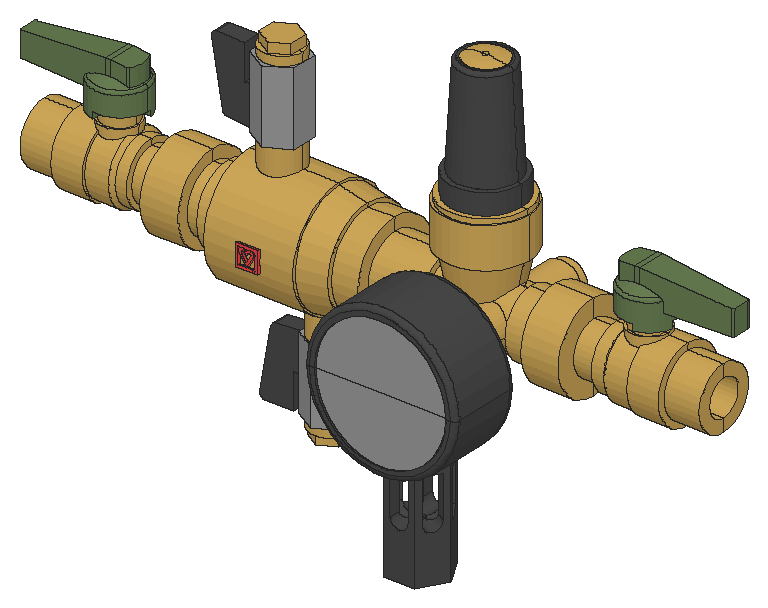
Revit family "Узел подпитки и предотвращения обратного потока 0305", category Rohrzubehör, Revit 2018
Family settings
  Bemaßung runder Anschluss = Durchmesser verwenden
  Teiletyp = Unterbricht
  OmniClass-Nummer = 23.65.55.14
  OmniClass-Titel = Valves for Liquid Services
  Arbeitsebenenbasiert = Nein
  Immer vertikal = Ja
  Beim Laden mit Abzugskörper schneiden = Nein
  Gemeinsam genutzt = Nein
Parameters
  Уплотнение = "EPDM"  # constant formula
  Примечание = "В соответствии со статьей 33 Регламента REACH (Registration; Evaluation; Authorisation; Restriction of Chemicals) (EC № 1907/2006) мы обязаны указать, что свинец внесен в список SVHC (Substances of Very High Concern - вещества очень высокой важности) и весовой процент свинца во всех латунных компонентах заводского изготовления в наших изделиях, превышает 0,1 % (w/w) (CAS: 7439-92-1 / EINECS: 231-100-4).\r\nПоскольку свинец является легирующим компонентом сплава, прямое негативное влияние исключается, и поэтому дополнительной информации о безопасном использовании не требуется."
  Область применения = "Согласно EN 1717 задача узлов предотвращения обратного потока состоит в том, чтобы не допустить обратного оттока или всасывания загрязнённой воды в сеть питьевого водоснабжения.\r\nОни устанавливаются в местах, где сеть питьевого водоснабжения соединяется с технической водой жёсткими или гибкими трубопроводами.\r\nВ основном эти узлы применяются в установках для умягчения, понижения кислотности, а также декарбонизации воды.\r\nКроме этого, узлы предотвращения обратного потока могут устанвливаться в дезинфицирующих системах или перед аппаратами химической очистки для предотвращения обратного потока химически загрязненной воды в систему питьевого водоснабжения."
  Макс. рабочее давление = 1000000.0 Pa  # constant formula
  Макс. рабочая температура = 65 °C  # constant formula
  Корпус = "латунь, CW617N"  # constant formula
  Предварительная заводская настройка давления = 150000.0 Pa  # constant formula
  W02 = 80.00°  # constant formula
  W01 = 45.00°  # constant formula
  URL = "www.herz-armaturen.ru"
  SC_NennweiteBerechnet = 0
  SC_Dimension = ""
  SCTWSEQ = "AW;SBT_TYP_AW=\"104\";2"
  SCTWCODE = "04;12;02"  # constant formula
  S08 = 65.000 mm  # constant formula
  S07 = 75.000 mm  # constant formula
  S06 = 27.000 mm  # constant formula
  S05 = 8.000 mm  # constant formula
  S04 = 20.000 mm  # constant formula
  S03 = 40.000 mm  # constant formula
  S02 [instance] = L17 + L18 + L19 + L20 + L21  # 74.900 mm
  S01 [instance] = D02 - 2.000 mm  # 13.200 mm
  R08 = 8.500 mm  # constant formula
  R07 = 31.000 mm  # constant formula
  R06 = 7.300 mm  # constant formula
  R05 = 6.500 mm  # constant formula
  R04 = 7.500 mm  # constant formula
  R03 = 8.500 mm  # constant formula
  R02 = 7.000 mm  # constant formula
  R01 = 8.000 mm  # constant formula
  Nennweite [instance] = 15.000 mm
  Среда = "питьевая вода"  # constant formula
  Макс. допустимая рабочая температура (кратковременно) = 85 °C  # constant formula
  L29 = 28.800 mm  # constant formula
  L28 = 85.300 mm  # constant formula
  L27 = 44.500 mm  # constant formula
  L26 = 48.500 mm  # constant formula
  L25 = 28.600 mm  # constant formula
  L24 = 10.100 mm  # constant formula
  L23 = 34.000 mm  # constant formula
  L22 = 22.000 mm  # constant formula
  L21 = 11.000 mm  # constant formula
  L20 = 12.000 mm  # constant formula
  L19 = 36.700 mm  # constant formula
  L18 = 8.700 mm  # constant formula
  L17 = 6.500 mm  # constant formula
  L16 = 70.500 mm  # constant formula
  L15 = 18.800 mm  # constant formula
  L14 = 30.000 mm  # constant formula
  L13 = 8.700 mm  # constant formula
  L12 = 4.800 mm  # constant formula
  L11 = 4.000 mm  # constant formula
  L10 = 23.300 mm  # constant formula
  L09 = 26.200 mm  # constant formula
  L08 = 15.500 mm  # constant formula
  L07 [instance] = size_lookup("0305_", "L7", 1.000 mm, Nennweite)  # 53.500 mm
  L06 [instance] = size_lookup("0305_", "L6", 1.000 mm, Nennweite)  # 30.700 mm
  L05 = 4.800 mm  # constant formula
  L04 = 10.000 mm  # constant formula
  L03 = 13.000 mm  # constant formula
  L02 [instance] = size_lookup("0305_", "L2", 1.000 mm, Nennweite)  # 14.600 mm
  L01 [instance] = size_lookup("0305_", "L1", 1.000 mm, Nennweite)  # 56.000 mm
  L00 [instance] = size_lookup("0305_", "L", 1.000 mm, Nennweite)  # 139.500 mm
  IG [instance] = Nennweite / 2  # 7.500 mm
  Hersteller = "HERZ Armaturen Ges.m.b.H."  # constant formula
  GT [instance] = size_lookup("0305_", "GT", 1.000 mm, Nennweite)  # 12.500 mm
  Положение при монтаже = "горизонтальное"  # constant formula
  D18 = 92.300 mm  # constant formula
  D17 = 66.500 mm  # constant formula
  D16 = 66.700 mm  # constant formula
  D15 = 12.200 mm  # constant formula
  D14 = 14.200 mm  # constant formula
  D13 = 19.200 mm  # constant formula
  D12 = 22.800 mm  # constant formula
  D11 = 23.700 mm  # constant formula
  D10 = 16.300 mm  # constant formula
  D09 = 13.500 mm  # constant formula
  D08 = 18.000 mm  # constant formula
  D07 = 22.000 mm  # constant formula
  D06 = 16.000 mm  # constant formula
  D05 = 10.600 mm  # constant formula
  D04 = 12.900 mm  # constant formula
  D03 = 14.400 mm  # constant formula
  D02 = 15.200 mm  # constant formula
  D01 [instance] = size_lookup("0305_", "D1", 1.000 mm, Nennweite)  # 12.600 mm
  Номер заказа [instance] = if(Nennweite = 15.000 mm, "I030501", if(Nennweite = 20.000 mm, "I030502", "0"))  # "I030501"
  Давление на выходе (регулируемое) = "0.5-3 bar"  # constant formula
Reference planes
  plane 1 "Mitte (Vorne/hinten)": y = 0
  plane 2: z = 0
  plane 3 "Mitte (Links/rechts)": x = 0
Forms (mm)
  Revolve 1, solid, material "Messing, weicher Gelbton, geschweißt", detail levels fine
    sketch origin (0, 0, 0) x (1, 0, 0) y (0, 0, 1)
      loop
        line (-127, 0) -> (-83.5, 0) -> (-83.5, 10.6) -> (-95.6, 10.6) -> (-95.6, 12.9) -> (-100.4, 12.9) -> (-101.9, 14.4) -> (-111.9, 14.4) -> (-111.9, 15.2) -> (-124.9, 15.2) -> (-124.9, 12.6) -> (-139.5, 12.6) -> (-139.5, 7.5) -> (-127, 7.5) -> (-127, 0)
      axis (-139.5, 0) -> (-83.5, 0)
    angle from 0 to 360
  Revolve 2, solid, material "Messing, weicher Gelbton, geschweißt", detail levels fine
    sketch origin (0, 0, 0) x (1, 0, 0) y (0, 0, 1)
      loop
        line (-100.8, 0) -> (-100.8, 16) -> (-101.8, 16) -> (-101.8, 22) -> (-108.8, 22) -> (-108.8, 0) -> (-100.8, 0)
      axis (-108.8, 22) -> (-108.8, 0)
    angle from 0 to 360
  Revolve 3, solid, material "Messing, weicher Gelbton, geschweißt", detail levels fine
    sketch origin (0, 0, 0) x (-1, 0, 0) y (0, 0, 1)
      loop
        line (-127, 0) -> (-83.5, 0) -> (-83.5, 10.6) -> (-95.6, 10.6) -> (-95.6, 12.9) -> (-100.4, 12.9) -> (-101.9, 14.4) -> (-111.9, 14.4) -> (-111.9, 15.2) -> (-124.9, 15.2) -> (-124.9, 12.6) -> (-139.5, 12.6) -> (-139.5, 7.5) -> (-127, 7.5) -> (-127, 0)
      axis (-139.5, 0) -> (-83.5, 0)
    angle from 0 to 360
  Revolve 4, solid, material "Messing, weicher Gelbton, geschweißt", detail levels fine
    sketch origin (0, 0, 0) x (-1, 0, 0) y (0, 0, 1)
      loop
        line (-100.8, 0) -> (-100.8, 16) -> (-101.8, 16) -> (-101.8, 22) -> (-108.8, 22) -> (-108.8, 0) -> (-100.8, 0)
      axis (-108.8, 22) -> (-108.8, 0)
    angle from 0 to 360
  Revolve 5, solid, material "Kunststoff GRÜN", detail levels fine
    sketch origin (-98.3, 0, 19.6) x (1, 0, 0) y (0, 0, 1)
      loop
        line (-10.5, 0) -> (0.9, 0) -> (0.9, 10.964)
        arc (0.9, 10.964) -> (0.673, 11.758) -> (0.059, 12.311) r 1.5
        line (0.059, 12.311) -> (-8.5, 16.5) -> (-10.5, 16.5) -> (-10.5, 0)
      axis (-10.5, 16.5) -> (-10.5, 0)
    angle from 0 to 360
  Extrusion 6, void
    sketch origin (-98.3, 0, 0) x (1, 0, 0) y (0, 1, 0)
      loop
        arc (-8.4, 11.205) -> (-18.561, 8.061) -> (-21.705, -2.1) r 11.4
        line (-21.705, -2.1) -> (-17.178, -2.1)
        arc (-17.178, -2.1) -> (-15.45, -4.95) -> (-12.6, -6.678) r 7
        line (-12.6, -6.678) -> (-12.6, -11.205)
        arc (-12.6, -11.205) -> (-2.439, -8.061) -> (0.705, 2.1) r 11.4
        line (0.705, 2.1) -> (-3.822, 2.1)
        arc (-3.822, 2.1) -> (-5.55, 4.95) -> (-8.4, 6.678) r 7
        line (-8.4, 6.678) -> (-8.4, 11.205)
    from 19.6 to 22.3
  Extrusion 7, solid, material "Kunststoff GRÜN", detail levels fine
    sketch origin (-98.3, 0, 0) x (1, 0, 0) y (0, 1, 0)
      loop
        line (-48.5, 3.242) -> (-48.5, -3.242)
        arc (-48.5, -3.242) -> (-48.281, -3.792) -> (-47.743, -4.041) r 0.8
        line (-47.743, -4.041) -> (-11.5, -5.987) -> (-9.5, -5.987) -> (-3.01, -5.535)
        arc (-3.01, -5.535) -> (-2.552, -5.387) -> (-2.216, -5.042) r 1
        arc (-2.216, -5.042) -> (-0.852, 0) -> (-2.216, 5.042) r 10
        arc (-2.216, 5.042) -> (-2.552, 5.387) -> (-3.01, 5.535) r 1
        line (-3.01, 5.535) -> (-9.5, 5.987) -> (-10.5, 5.987) -> (-11.5, 5.987) -> (-47.743, 4.041)
        arc (-47.743, 4.041) -> (-48.281, 3.792) -> (-48.5, 3.242) r 0.8
    from 26.6 to 40.1
  Extrusion 8, void
    sketch origin (-108.8, 0, 0) x (1, 0, 0) y (0, 0, 1)
      loop
        line (1, 40.1) -> (10.462, 39.272) -> (10.462, 41.682) -> (-40.279, 41.682) -> (-40.279, 36.664) -> (-1, 40.1) -> (0, 40.1) -> (1, 40.1)
    from 8 to -8
  Revolve 9, solid, material "Kunststoff GRÜN", detail levels fine
    sketch origin (98.3, 0, 19.6) x (-1, 0, 0) y (0, 0, -1)
      loop
        line (-10.5, 0) -> (-10.5, -16.5) -> (-8.5, -16.5) -> (0.059, -12.311)
        arc (0.059, -12.311) -> (0.673, -11.758) -> (0.9, -10.964) r 1.5
        line (0.9, -10.964) -> (0.9, 0) -> (-10.5, 0)
      axis (-10.5, -16.5) -> (-10.5, 0)
    angle from 0 to 360
  Extrusion 10, void
    sketch origin (98.3, 0, 0) x (-1, 0, 0) y (0, -1, 0)
      loop
        line (-8.4, -11.205) -> (-8.4, -6.678)
        arc (-8.4, -6.678) -> (-5.55, -4.95) -> (-3.822, -2.1) r 7
        line (-3.822, -2.1) -> (0.705, -2.1)
        arc (0.705, -2.1) -> (-2.439, 8.061) -> (-12.6, 11.205) r 11.4
        line (-12.6, 11.205) -> (-12.6, 6.678)
        arc (-12.6, 6.678) -> (-15.45, 4.95) -> (-17.178, 2.1) r 7
        line (-17.178, 2.1) -> (-21.705, 2.1)
        arc (-21.705, 2.1) -> (-18.561, -8.061) -> (-8.4, -11.205) r 11.4
    from 19.6 to 22.3
  Extrusion 11, solid, material "Kunststoff GRÜN", detail levels fine
    sketch origin (98.3, 0, 0) x (-1, 0, 0) y (0, -1, 0)
      loop
        arc (-48.5, -3.242) -> (-48.281, -3.792) -> (-47.743, -4.041) r 0.8
        line (-47.743, -4.041) -> (-11.5, -5.987) -> (-10.5, -5.987) -> (-9.5, -5.987) -> (-3.01, -5.535)
        arc (-3.01, -5.535) -> (-2.552, -5.387) -> (-2.216, -5.042) r 1
        arc (-2.216, -5.042) -> (-0.852, 0) -> (-2.216, 5.042) r 10
        arc (-2.216, 5.042) -> (-2.552, 5.387) -> (-3.01, 5.535) r 1
        line (-3.01, 5.535) -> (-9.5, 5.987) -> (-11.5, 5.987) -> (-47.743, 4.041)
        arc (-47.743, 4.041) -> (-48.281, 3.792) -> (-48.5, 3.242) r 0.8
        line (-48.5, 3.242) -> (-48.5, -3.242)
    from 26.6 to 40.1
  Extrusion 12, void
    sketch origin (108.8, 0, 0) x (-1, 0, 0) y (0, 0, -1)
      loop
        line (1, -40.1) -> (0, -40.1) -> (-1, -40.1) -> (-40.279, -36.664) -> (-40.279, -41.682) -> (10.462, -41.682) -> (10.462, -39.272) -> (1, -40.1)
    from 8 to -8
  Revolve 13, solid, material "Messing, weicher Gelbton, geschweißt", detail levels fine
    sketch origin (0, 0, 0) x (1, 0, 0) y (0, 0, 1)
      loop
        line (-86, 0) -> (-70.5, 0) -> (-70.5, 18) -> (-86, 18) -> (-86, 0)
      axis (-86, 0) -> (-70.5, 0)
    angle from 0 to 360
  Revolve 14, solid, material "Messing, weicher Gelbton, geschweißt", detail levels fine
    sketch origin (0, 0, 0) x (-1, 0, 0) y (0, 0, 1)
      loop
        line (-86, 0) -> (-70.5, 0) -> (-70.5, 18) -> (-86, 18) -> (-86, 0)
      axis (-86, 0) -> (-70.5, 0)
    angle from 0 to 360
  Revolve 15, solid, material "Messing, weicher Gelbton, geschweißt", detail levels fine
    sketch origin (0, 0, 0) x (1, 0, 0) y (0, 1, 0)
      loop
        line (59.2, 26.2) -> (59.2, 30.2) -> (51.7, 30.2) -> (51.7, -28.1) -> (58.2, -28.1) -> (58.2, -23.3) -> (60.2, -23.3) -> (60.2, 26.2) -> (59.2, 26.2)
      axis (51.7, 30.2) -> (51.7, -28.1)
    angle from 0 to 360
  Revolve 16, solid, material "Kunststoff - SCHWARZ", detail levels fine
    sketch origin (0, 0, 0) x (1, 0, 0) y (0, 1, 0)
      loop
        line (51.7, -28.1) -> (51.7, -64.8) -> (78.7, -64.8) -> (78.7, -66.8) -> (80.7, -66.8)
        arc (80.7, -66.8) -> (82.114, -66.214) -> (82.7, -64.8) r 2
        line (82.7, -64.8) -> (82.7, -38.8)
        arc (82.7, -38.8) -> (82.114, -37.386) -> (80.7, -36.8) r 2
        line (80.7, -36.8) -> (59, -36.8) -> (59, -28.1) -> (51.7, -28.1)
      axis (51.7, -28.1) -> (51.7, -66.8)
    angle from 0 to 360
  Revolve 17, solid, material "Messing, weicher Gelbton, geschweißt", detail levels fine
    sketch origin (0, 0, 0) x (1, 0, 0) y (0, 0, 1)
      loop
        line (-70.5, 0) -> (70.5, 0) -> (70.5, 13.5) -> (60.4, 13.5) -> (60.4, 12.2) -> (26.4, 12.2) -> (26.4, 14.2) -> (4.4, 14.2) -> (4.4, 19.2) -> (-6.6, 19.2) -> (-6.6, 20.684) -> (-18.6, 22.8) -> (-18.6, 23.7) -> (-55.3, 23.7) -> (-55.3, 16.3) -> (-64, 16.3) -> (-64, 13.5) -> (-70.5, 13.5) -> (-70.5, 0)
      axis (-70.5, 0) -> (70.5, 0)
    angle from 0 to 360
  Revolve 18, solid, material "Messing, weicher Gelbton, geschweißt", detail levels fine
    sketch origin (0, 0, 0) x (1, 0, 0) y (0, 0, 1)
      loop
        line (-41.9, 0) -> (-33.4, 0) -> (-33.4, 66.7) -> (-41.9, 66.7) -> (-41.9, 0)
      axis (-41.9, 0) -> (-41.9, 66.7)
    angle from 0 to 360
  Revolve 19, solid, material "Messing, weicher Gelbton, geschweißt", detail levels fine
    sketch origin (0, 0, 0) x (1, 0, 0) y (0, 0, -1)
      loop
        line (-22, 0) -> (-13.5, 0) -> (-13.5, 66.7) -> (-22, 66.7) -> (-22, 0)
      axis (-22, 0) -> (-22, 66.7)
    angle from 0 to 360
  Extrusion 20, solid, material "Messing, weicher Gelbton, geschweißt", detail levels fine
    sketch origin (0, 0, 0) x (1, 0, 0) y (0, 1, 0)
      loop
        line (-41.9, 7.5) -> (-48.395, 3.75) -> (-48.395, -3.75) -> (-41.9, -7.5) -> (-35.405, -3.75) -> (-35.405, 3.75) -> (-41.9, 7.5)
    from 66.7 <- "D16" to 70.7
  Extrusion 21, solid, material "Messing, weicher Gelbton, geschweißt", detail levels fine
    sketch origin (0, 0, 0) x (1, 0, 0) y (0, 1, 0)
      loop
        line (-22, 7.5) -> (-28.495, 3.75) -> (-28.495, -3.75) -> (-22, -7.5) -> (-15.505, -3.75) -> (-15.505, 3.75) -> (-22, 7.5)
    from -70.7 to -66.7
  Extrusion 22, solid, material "Aluminium 3003-H16", detail levels fine
    sketch origin (0, 0, 0) x (1, 0, 0) y (0, 1, 0)
      loop
        line (-41.9, 10.5) -> (-50.993, 5.25) -> (-50.993, -5.25) -> (-41.9, -10.5) -> (-32.807, -5.25) -> (-32.807, 5.25) -> (-41.9, 10.5)
    from 33.3 to 63.3
  Extrusion 23, solid, material "Aluminium 3003-H16", detail levels fine
    sketch origin (0, 0, 0) x (1, 0, 0) y (0, 1, 0)
      loop
        line (-22, 10.5) -> (-31.093, 5.25) -> (-31.093, -5.25) -> (-22, -10.5) -> (-12.907, -5.25) -> (-12.907, 5.25) -> (-22, 10.5)
    from -63.3 to -33.3
  Extrusion 24, solid, material "Kunststoff - SCHWARZ", detail levels fine
    sketch origin (0, 0, 0) x (1, 0, 0) y (0, 0, 1)
      loop
        line (-31.093, -33.8) -> (-41.854, -34.675)
        arc (-41.854, -34.675) -> (-43.039, -35.189) -> (-43.662, -36.321) r 2
        line (-43.662, -36.321) -> (-48.186, -61.952)
        arc (-48.186, -61.952) -> (-47.748, -63.585) -> (-46.216, -64.3) r 2
        line (-46.216, -64.3) -> (-34.4, -64.3) -> (-34.4, -49.8) -> (-22, -49.8) -> (-22, -33.8) -> (-31.093, -33.8)
    from -3.5 to 3.5
  Extrusion 25, solid, material "Kunststoff - SCHWARZ", detail levels fine
    sketch origin (-20, 0, 0) x (1, 0, 0) y (0, 0, 1)
      loop
        line (-31.093, 33.8) -> (-22, 33.8) -> (-22, 49.8) -> (-34.4, 49.8) -> (-34.4, 64.3) -> (-46.216, 64.3)
        arc (-46.216, 64.3) -> (-47.748, 63.585) -> (-48.186, 61.952) r 2
        line (-48.186, 61.952) -> (-43.662, 36.321)
        arc (-43.662, 36.321) -> (-43.039, 35.189) -> (-41.854, 34.675) r 2
        line (-41.854, 34.675) -> (-31.093, 33.8)
    from -3.5 to 3.5
  Revolve 26, solid, material "Messing, weicher Gelbton, geschweißt", detail levels fine
    sketch origin (0, 0, 0) x (1, 0, 0) y (0, 0, 1)
      loop
        line (-26, 0) -> (9.709, -35.709) -> (14.517, -30.901) -> (13.103, -29.486) -> (14.164, -28.426) -> (11.335, -25.597) -> (12.042, -24.89) -> (-19.424, 6.576) -> (-26, 0)
      axis (-26, 0) -> (9.709, -35.709)
    angle from 0 to 360
  Revolve 27, solid, material "Messing, weicher Gelbton, geschweißt", detail levels fine
    sketch origin (0, 0, 0) x (1, 0, 0) y (0, 0, 1)
      loop
        line (14.8, -48) -> (14.8, -66.5) -> (21.3, -66.5) -> (21.3, -65.5) -> (24.6, -65.5) -> (24.6, -54) -> (23.1, -54) -> (23.1, -50) -> (21.6, -50) -> (21.6, -48) -> (14.8, -48)
      axis (14.8, -48) -> (14.8, -66.5)
    angle from 0 to 360
  SweptBlend 28, solid, material "Messing, weicher Gelbton, geschweißt", detail levels fine
    path origin (0, 0, 0) x (1, 0, 0) y (0, 0, 1)
      loop
        arc (14.8, -48) -> (13.5, -41.338) -> (9.709, -35.709) r 17.079
    profile origin (14.8, 0, -48) x (-0.999973, 0, 0.007372) y (0, -1, 0)
      loop
        circle (0, 0) r 6.8
    end profile origin (9.709, 0, -35.709) x (-0.701878, 0, -0.712297) y (0, -1, 0)
      loop
        circle (0, 0) r 6.8
  Extrusion 29, solid, material "Kunststoff - SCHWARZ", detail levels fine
    sketch origin (1.983, -7.4, 0) x (0.866025, 0.5, 0) y (-0.5, 0.866025, 0)
      loop
        line (14.8, 12.5) -> (3.975, 6.25) -> (3.975, -6.25) -> (14.8, -12.5) -> (25.625, -6.25) -> (25.625, 6.25) -> (14.8, 12.5)
    from -107 to -58
  Extrusion 30, void
    sketch origin (0, 0, 0) x (1, 0, 0) y (0, 0, 1)
      loop
        line (11.05, -66.5) -> (11.05, -84.05)
        arc (11.05, -84.05) -> (14.8, -87.8) -> (18.55, -84.05) r 3.75
        line (18.55, -84.05) -> (18.55, -66.5) -> (11.05, -66.5)
    from 1 to 12
  Extrusion 31, void
    sketch origin (22.2, 12.817, 0) x (-0.5, -0.866025, 0) y (0, 0, -1)
      loop
        line (11.05, 66.5) -> (18.55, 66.5) -> (18.55, 84.05)
        arc (18.55, 84.05) -> (14.8, 87.8) -> (11.05, 84.05) r 3.75
        line (11.05, 84.05) -> (11.05, 66.5)
    from -12 to -1
  Extrusion 32, void
    sketch origin (22.2, -12.817, 0) x (-0.5, 0.866025, 0) y (0, 0, 1)
      loop
        line (11.05, -66.5) -> (11.05, -84.05)
        arc (11.05, -84.05) -> (14.8, -87.8) -> (18.55, -84.05) r 3.75
        line (18.55, -84.05) -> (18.55, -66.5) -> (11.05, -66.5)
    from -12 to -1
  Extrusion 33, void
    sketch origin (0, 0, 0) x (1, 0, 0) y (0, 0, 1)
      loop
        line (11.05, -66.5) -> (11.05, -84.05)
        arc (11.05, -84.05) -> (14.8, -87.8) -> (18.55, -84.05) r 3.75
        line (18.55, -84.05) -> (18.55, -66.5) -> (11.05, -66.5)
    from -12 to -1
  Extrusion 34, void
    sketch origin (22.2, -12.817, 0) x (-0.5, 0.866025, 0) y (0, 0, -1)
      loop
        line (11.05, 66.5) -> (18.55, 66.5) -> (18.55, 84.05)
        arc (18.55, 84.05) -> (14.8, 87.8) -> (11.05, 84.05) r 3.75
        line (11.05, 84.05) -> (11.05, 66.5)
    from -12 to -1
  Extrusion 35, void
    sketch origin (22.2, 12.817, 0) x (-0.5, -0.866025, 0) y (0, 0, 1)
      loop
        line (11.05, -66.5) -> (11.05, -84.05)
        arc (11.05, -84.05) -> (14.8, -87.8) -> (18.55, -84.05) r 3.75
        line (18.55, -84.05) -> (18.55, -66.5) -> (11.05, -66.5)
    from -12 to -1
  Extrusion 36, void
    sketch origin (0, 0, 0) x (1, 0, 0) y (0, 1, 0)
      loop
        circle (14.8, 0) r 2
    from -88.4 to -66.5
  Revolve 37, solid, material "Messing, weicher Gelbton, geschweißt", detail levels fine
    sketch origin (0, 0, 0) x (1, 0, 0) y (0, 0, 1)
      loop
        line (41.7, 0) -> (52.967, 0) -> (57.7, 22.6) -> (59.7, 22.6) -> (59.7, 39.2) -> (58.9, 39.2) -> (58.9, 41.2) -> (41.7, 41.2) -> (41.7, 0)
      axis (41.7, 41.2) -> (41.7, 0)
    angle from 0 to 360
  Revolve 38, solid, material "Kunststoff - SCHWARZ", detail levels fine
    sketch origin (0, 0, 0) x (1, 0, 0) y (0, 0, 1)
      loop
        line (41.7, 41.2) -> (56.7, 41.2) -> (56.7, 49.7) -> (54.7, 49.7) -> (52.769, 89.772)
        arc (52.769, 89.772) -> (52.305, 90.786) -> (51.271, 91.2) r 1.5
        line (51.271, 91.2) -> (41.7, 91.2) -> (41.7, 41.2)
      axis (41.7, 91.2) -> (41.7, 41.2)
    angle from 0 to 360
  Revolve 39, solid, material "Messing, weicher Gelbton, geschweißt", detail levels fine
    sketch origin (0, 0, 0) x (1, 0, 0) y (0, 0, 1)
      loop
        line (41.7, 90.224) -> (50.2, 90.224) -> (50.2, 91.262)
        arc (50.2, 91.262) -> (46.695, 92.029) -> (43.118, 92.3) r 25.716
        line (43.118, 92.3) -> (41.7, 92.3) -> (41.7, 90.224)
      axis (41.7, 92.3) -> (41.7, 90.224)
    angle from 0 to 360
  Revolve 40, solid, material "Acetalharz, Weiß", detail levels fine
    sketch origin (0, 0, 0) x (1, 0, 0) y (0, 1, 0)
      loop
        line (51.7, -64.8) -> (51.7, -66.3) -> (78.7, -66.3) -> (78.7, -64.8) -> (51.7, -64.8)
      axis (51.7, -66.3) -> (51.7, -64.8)
    angle from 0 to 360
Cuts and joins
  Extrusion 6, Extrusion 10 cuts Revolve 5
  Extrusion 8, Extrusion 12 cuts Extrusion 7
  Extrusion 10 cuts Revolve 2
  Extrusion 10 cuts Revolve 9
  Extrusion 12 cuts Extrusion 11
  Extrusion 30, Extrusion 31, Extrusion 32, Extrusion 33, Extrusion 34, Extrusion 35, Extrusion 36 cuts Revolve 27
  Extrusion 30, Extrusion 31, Extrusion 32, Extrusion 33, Extrusion 34, Extrusion 35, Extrusion 36 cuts Extrusion 29
Lines and regions (mm)
  model lines
    curve 1: line (-70.5, 0, 0) -> (4.4, 0, 0)
  model lines, detail levels coarse+medium
    curve 2: line (-139.5, 0, 15.2) -> (-139.5, 0, -15.2)
    curve 3: line (-139.5, 0, -15.2) -> (-83.5, 0, 15.2)
    curve 4: line (-83.5, 0, 15.2) -> (-83.5, 0, -15.2)
    curve 5: line (-83.5, 0, -15.2) -> (-139.5, 0, 15.2)
    curve 6: circle (-111.5, 0, 0) r 13.2 normal (0, -1, 0)
    curve 7: line (139.5, 0, 15.2) -> (139.5, 0, -15.2)
    curve 8: line (139.5, 0, -15.2) -> (83.5, 0, 15.2)
    curve 9: line (83.5, 0, 15.2) -> (83.5, 0, -15.2)
    curve 10: line (83.5, 0, -15.2) -> (139.5, 0, 15.2)
    curve 11: circle (111.5, 0, 0) r 13.2 normal (0, 1, 0)
    curve 12: line (-70.5, 0, 23.7) -> (4.4, 0, 23.7)
    curve 13: line (-70.5, 0, -23.7) -> (-70.5, 0, 23.7)
    curve 14: line (4.4, 0, -23.7) -> (-70.5, 0, -23.7)
    curve 15: line (4.4, 0, 23.7) -> (4.4, 0, -23.7)
    curve 16: line (-83.5, 0, 0) -> (-70.5, 0, 0)
    curve 17: line (-70.5, 0, 15.7) -> (-30.5, 0, 15.7)
    curve 18: line (-15.6, 0, 15.7) -> (4.4, 0, 15.7)
    curve 19: line (-70.5, 0, -15.7) -> (-30.5, 0, -15.7)
    curve 20: line (-15.6, 0, -15.7) -> (4.4, 0, -15.7)
    curve 21: line (4.4, 0, 0) -> (83.5, 0, 0)
    curve 22: circle (51.592, 0, 47) r 27 normal (0, -1, 0)
    curve 23: line (35.682, 0, 31.09) -> (67.502, 0, 62.91)
    curve 24: line (67.502, 0, 62.91) -> (67.502, 0, 52.91)
    curve 25: line (67.502, 0, 62.91) -> (57.502, 0, 62.91)
    curve 26: line (51.592, 0, 20) -> (51.592, 0, 0)
    curve 27: line (4.4, 0, -23.7) -> (4.4, 0, -75)
    curve 28: line (-8.1, 0, -65) -> (16.9, 0, -65)
    curve 29: line (-139.5, 15.2, 0) -> (-139.5, -15.2, 0)
    curve 30: line (-139.5, -15.2, 0) -> (-83.5, 15.2, 0)
    curve 31: line (-83.5, 15.2, 0) -> (-83.5, -15.2, 0)
    curve 32: line (-83.5, -15.2, 0) -> (-139.5, 15.2, 0)
    curve 33: circle (-111.5, 0, 0) r 13.2 normal (0, 0, 1)
    curve 34: line (139.5, 15.2, 0) -> (139.5, -15.2, 0)
    curve 35: line (139.5, -15.2, 0) -> (83.5, 15.2, 0)
    curve 36: line (83.5, 15.2, 0) -> (83.5, -15.2, 0)
    curve 37: line (83.5, -15.2, 0) -> (139.5, 15.2, 0)
    curve 38: circle (111.5, 0, 0) r 13.2 normal (0, 0, -1)
    curve 39: circle (41.3, 36.063, 0) r 27 normal (0, 0, 1)
    curve 40: line (25.39, 20.154, 0) -> (57.21, 51.973, 0)
    curve 41: line (57.21, 51.973, 0) -> (57.21, 41.973, 0)
    curve 42: line (57.21, 51.973, 0) -> (47.21, 51.973, 0)
    curve 43: line (41.3, 9.063, 0) -> (41.3, 0, 0)
    curve 44: line (-70.5, 23.7, 0) -> (4.4, 23.7, 0)
    curve 45: line (-70.5, -23.7, 0) -> (-70.5, 23.7, 0)
    curve 46: line (4.4, -23.7, 0) -> (-70.5, -23.7, 0)
    curve 47: line (4.4, 23.7, 0) -> (4.4, -23.7, 0)
    curve 48: line (-70.5, 15.7, 0) -> (-30.5, 15.7, 0)
    curve 49: line (4.4, 15.7, 0) -> (-15.6, 15.7, 0)
    curve 50: line (-70.5, -15.7, 0) -> (-30.5, -15.7, 0)
    curve 51: line (4.4, -15.7, 0) -> (-15.6, -15.7, 0)
    curve 52: line (4.4, -23.7, 0) -> (4.4, -75, 0)
    curve 53: line (-8.1, -65, 0) -> (16.9, -65, 0)
Dimensions and locks
  "IG": Revolve 1 sketch curve to plane 2
  "L01": Revolve 1 sketch curve to Revolve 1 sketch curve
  "L02": Revolve 1 sketch curve to Revolve 1 sketch curve
  "L03": Revolve 1 sketch curve to Revolve 1 sketch curve
  "L04": Revolve 1 sketch curve to Revolve 1 sketch curve
  "L05": Revolve 1 sketch curve to Revolve 1 sketch curve
  "D01": Revolve 1 sketch curve to plane 2
  "D02": Revolve 1 sketch curve to Revolve 1 sketch curve
  "D03": Revolve 1 sketch curve to plane 2
  "D04": Revolve 1 sketch curve to plane 2
  "D05": Revolve 1 sketch curve to plane 2
  "R01": Revolve 2 sketch curve to Revolve 2 sketch curve
  "L06": Revolve 1 to Revolve 2 sketch curve
  "D06": Revolve 2 sketch curve to plane 2
  "R02": Revolve 2 sketch curve to Revolve 2 sketch curve
  "D07": Revolve 2 sketch curve to plane 2
  "L00": plane 3 "Mitte (Links/rechts)" to Revolve 1 sketch curve
  "L01": Revolve 3 sketch curve to Revolve 3 sketch curve
  "L02": Revolve 3 sketch curve to Revolve 3 sketch curve
  "L03": Revolve 3 sketch curve to Revolve 3 sketch curve
  "L04": Revolve 3 sketch curve to Revolve 3 sketch curve
  "L05": Revolve 3 sketch curve to Revolve 3 sketch curve
  "D02": Revolve 3 sketch curve to Revolve 3 sketch curve
  "R01": Revolve 4 sketch curve to Revolve 4 sketch curve
  "L06": Revolve 3 to Revolve 4 sketch curve
  "R02": Revolve 4 sketch curve to Revolve 4 sketch curve
  "L00": plane 3 "Mitte (Links/rechts)" to Revolve 3 sketch curve
  "L06": Revolve 5 sketch curve to Revolve 1
  cut or joined group of Revolve 5, Extrusion 6, Extrusion 10 to plane 2 = 22.300 mm
  Extrusion 10 to plane 2 = 22.300 mm
  "L06": Revolve 9 sketch curve to Revolve 3
  "L07": Revolve 13 sketch curve to Revolve 1
  "L08": Revolve 13 sketch curve to Revolve 13 sketch curve
  "D08": Revolve 13 sketch curve to plane 2
  "L08": Revolve 14 sketch curve to Revolve 14 sketch curve
  "L07": Revolve 14 sketch curve to Revolve 3
  "D08": Revolve 14 sketch curve to plane 2
  "IG": Revolve 3 sketch curve to plane 2
  "D01": Revolve 3 sketch curve to plane 2
  "D05": Revolve 3 sketch curve to plane 2
  "D04": Revolve 3 sketch curve to plane 2
  "D03": Revolve 3 sketch curve to plane 2
  "D06": Revolve 4 sketch curve to plane 2
  "D07": Revolve 4 sketch curve to plane 2
  "L06": Extrusion 11 sketch curve to Revolve 3
  "L06": Revolve 1 to Extrusion 7 sketch curve
  cut or joined group of Extrusion 7, Extrusion 8, Extrusion 12 to Extrusion 7 sketch curve = 38.000 mm
  Extrusion 11 sketch curve to cut or joined group of Extrusion 11, Extrusion 12 = 38.000 mm
  "L06": Revolve 1 to Extrusion 8 sketch curve
  "L06": Extrusion 12 sketch curve to Revolve 3
  "R03": Revolve 15 sketch curve to Revolve 15 sketch curve
  "L09": plane 1 "Mitte (Vorne/hinten)" to Revolve 15 sketch curve
  "L10": Revolve 15 sketch curve to plane 1 "Mitte (Vorne/hinten)"
  "R04": Revolve 15 sketch curve to Revolve 15 sketch curve
  "L11": Revolve 15 sketch curve to Revolve 15 sketch curve
  "R05": Revolve 15 sketch curve to Revolve 15 sketch curve
  "L15": Revolve 15 sketch curve to Revolve 14
  "L12": Revolve 15 sketch curve to Revolve 15 sketch curve
  "R06": Revolve 15 sketch curve to Revolve 16 sketch curve
  "L13": Revolve 16 sketch curve to Revolve 16 sketch curve
  "R07": Revolve 15 sketch curve to Revolve 16 sketch curve
  "L14": Revolve 16 sketch curve to Revolve 16 sketch curve
  "R07": Revolve 16 sketch curve to Revolve 16 sketch curve
  Revolve 16 sketch curve to Revolve 16 sketch curve = 7.300 mm
  "GT": Revolve 1 sketch curve to Revolve 1 sketch curve
  "GT": Revolve 3 sketch curve to Revolve 3 sketch curve
  "L16": plane 3 "Mitte (Links/rechts)" to Revolve 17 sketch curve
  "L17": Revolve 17 sketch curve to Revolve 17 sketch curve
  "L18": Revolve 17 sketch curve to Revolve 17 sketch curve
  "L19": Revolve 17 sketch curve to Revolve 17 sketch curve
  "L20": Revolve 17 sketch curve to Revolve 17 sketch curve
  "L21": Revolve 17 sketch curve to Revolve 17 sketch curve
  "L22": Revolve 17 sketch curve to Revolve 17 sketch curve
  "L23": Revolve 17 sketch curve to Revolve 17 sketch curve
  "L24": Revolve 17 sketch curve to Revolve 17 sketch curve
  "D09": Revolve 17 sketch curve to plane 2  (x2)
  "D10": Revolve 17 sketch curve to plane 2
  "D11": Revolve 17 sketch curve to plane 2
  "D15": Revolve 17 sketch curve to plane 2
  "D14": Revolve 17 sketch curve to plane 2
  "D13": Revolve 17 sketch curve to plane 2
  "D12": Revolve 17 sketch curve to plane 2
  "L06": Revolve 1 to Extrusion 6 sketch curve
  "L06": Extrusion 10 sketch curve to Revolve 3
  "L25": Revolve 13 to Revolve 18 sketch curve
  "R08": Revolve 18 sketch curve to Revolve 18 sketch curve
  "D16": Revolve 18 sketch curve to plane 2
  "R08": Revolve 19 sketch curve to Revolve 19 sketch curve
  "L26": Revolve 13 to Revolve 19 sketch curve
  "D16": plane 2 to Revolve 19 sketch curve
  "L25": Revolve 13 to Extrusion 20 sketch curve
  "L26": Revolve 13 to Extrusion 21 sketch curve
  "L25": Revolve 13 to Extrusion 22 sketch curve
  "L26": Revolve 13 to Extrusion 23 sketch curve
  "L27": Revolve 13 to Revolve 26 sketch curve
  "L28": Revolve 13 to Revolve 27 sketch curve
  "L29": Revolve 37 sketch curve to Revolve 14
  "D18": Revolve 39 sketch curve to plane 2
  Revolve 37 sketch curve to Revolve 37 sketch curve = 11.267 mm
  "D11": nested 1 to plane 1 "Mitte (Vorne/hinten)"
  "D02": curve 5 to plane 2 to curve 3
  "D02": curve 4 to plane 2 to curve 5
  "L00": plane 3 "Mitte (Links/rechts)" to curve 2
  "L01": curve 2 to curve 4
  "D02": curve 10 to plane 2 to curve 8
  "D02": curve 9 to plane 2 to curve 10
  "L00": curve 7 to plane 3 "Mitte (Links/rechts)"
  "L01": curve 9 to curve 7
  "L16": plane 3 "Mitte (Links/rechts)" to curve 13
  "S02": curve 15 to curve 13
  "D11": curve 12 to plane 2 to curve 14
  "S05": curve 19 to curve 14
  "S05": curve 12 to curve 17
  "S05": curve 12 to curve 18
  "S05": curve 20 to curve 14
  "S04": curve 18 to curve 15
  "S03": curve 17 to curve 13
  "S03": curve 19 to curve 13
  "S04": curve 20 to curve 15
  "S07": plane 2 to curve 27
  "S08": plane 2 to curve 28
  "L00": curve 29 to plane 3 "Mitte (Links/rechts)"
  "L01": curve 29 to curve 31
  "D02": curve 30 to plane 1 "Mitte (Vorne/hinten)" to curve 32
  "D02": curve 32 to plane 1 "Mitte (Vorne/hinten)" to curve 31
  equal spacing: curve 29, curve 33, curve 31
  equal spacing: curve 2, curve 6, curve 4
  equal spacing: curve 9, curve 11, curve 7
  "L01": curve 34 to curve 36
  "D02": curve 35 to plane 1 "Mitte (Vorne/hinten)" to curve 37
  "D02": curve 37 to plane 1 "Mitte (Vorne/hinten)" to curve 36
  equal spacing: curve 34, curve 38, curve 36
  "L00": plane 3 "Mitte (Links/rechts)" to curve 34
  "L16": curve 45 to plane 3 "Mitte (Links/rechts)"
  "S02": curve 45 to curve 47
  "D11": curve 46 to plane 1 "Mitte (Vorne/hinten)" to curve 44
  "S05": curve 48 to curve 44
  "S05": curve 44 to curve 49
  "S05": curve 51 to curve 46
  "S05": curve 46 to curve 50
  "S03": curve 45 to curve 48
  "S04": curve 49 to curve 47
  "S04": curve 51 to curve 47
  "S03": curve 45 to curve 50
  "S07": curve 52 to plane 1 "Mitte (Vorne/hinten)"
  "S08": curve 53 to plane 1 "Mitte (Vorne/hinten)"
  radius of cut or joined group of Extrusion 7, Extrusion 8, Extrusion 12 = 10.000 mm
  radius of cut or joined group of Extrusion 11, Extrusion 12 = 10.000 mm
  "S01": radius of curve 6
  "S01": radius of curve 11
  "S06": radius of curve 22
  "S01": radius of curve 33
  "S01": radius of curve 38
  "S06": radius of curve 39
  "W01": angle Revolve 1 sketch curve to Revolve 1 sketch curve
  "W01": angle Revolve 3 sketch curve to Revolve 3 sketch curve
  "W02": angle Revolve 17 sketch curve to Revolve 17 sketch curve
  "W01": angle Revolve 26 sketch curve to plane 2
  "W01": angle curve 23 to curve 24
  "W01": angle curve 25 to curve 23
  "W01": angle curve 40 to curve 41
  "W01": angle curve 42 to curve 40
  aligned and locked: level to plane 2
Automatic sketch dimensions
  Extrusion 24 sketch curve to plane 3 "Mitte (Links/rechts)" = 48.186 mm
  Extrusion 24 sketch curve to Extrusion 24 sketch curve = 1.970 mm  (x2)
  Extrusion 24 sketch curve to Extrusion 24 sketch curve = 4.524 mm
  Extrusion 24 sketch curve to Extrusion 24 sketch curve = 1.807 mm
  Extrusion 24 sketch curve to Extrusion 24 sketch curve = 7.292 mm
  Extrusion 24 sketch curve to Extrusion 24 sketch curve = 10.761 mm
  Extrusion 24 sketch curve to Extrusion 24 sketch curve = 12.400 mm
  Extrusion 24 sketch curve to level = 64.300 mm
  Extrusion 24 sketch curve to Extrusion 24 sketch curve = 2.000 mm
  Extrusion 24 sketch curve to Extrusion 24 sketch curve = 14.500 mm
  Extrusion 24 sketch curve to Extrusion 24 sketch curve = 13.132 mm
  Extrusion 24 sketch curve to Extrusion 24 sketch curve = 0.348 mm
  Extrusion 24 sketch curve to Extrusion 24 sketch curve = 0.875 mm
  plane 3 "Mitte (Links/rechts)" to Extrusion 25 sketch curve = 68.186 mm
  Extrusion 25 sketch curve to Extrusion 25 sketch curve = 1.970 mm  (x2)
  Extrusion 25 sketch curve to Extrusion 25 sketch curve = 4.524 mm
  Extrusion 25 sketch curve to level = 34.675 mm
  Extrusion 25 sketch curve to Extrusion 25 sketch curve = 1.807 mm
  Extrusion 25 sketch curve to Extrusion 25 sketch curve = 7.292 mm
  Extrusion 25 sketch curve to Extrusion 25 sketch curve = 10.761 mm
  Extrusion 25 sketch curve to Extrusion 25 sketch curve = 12.400 mm
  Extrusion 25 sketch curve to Extrusion 25 sketch curve = 1.646 mm
  Extrusion 25 sketch curve to Extrusion 25 sketch curve = 13.132 mm
  Extrusion 25 sketch curve to Extrusion 25 sketch curve = 12.152 mm
  Extrusion 25 sketch curve to Extrusion 25 sketch curve = 0.348 mm
  Extrusion 25 sketch curve to Extrusion 25 sketch curve = 0.875 mm
  SweptBlend 28 sketch curve to plane 3 "Mitte (Links/rechts)" = 2.278 mm
  SweptBlend 28 sketch curve to level = 47.874 mm
  plane 3 "Mitte (Links/rechts)" to SweptBlend 28 sketch curve = 9.709 mm
  SweptBlend 28 sketch curve to SweptBlend 28 sketch curve = 5.091 mm
  SweptBlend 28 sketch curve to SweptBlend 28 sketch curve = 0.126 mm
  plane 1 "Mitte (Vorne/hinten)" to SweptBlend 28 sketch curve = 0.000 mm  (x2)
  SweptBlend 28 sketch curve to profile plane = 0.000 mm  (x2)
  plane 1 "Mitte (Vorne/hinten)" to Extrusion 29 sketch curve = 0.000 mm  (x2)
  plane 3 "Mitte (Links/rechts)" to Extrusion 29 sketch curve = 2.300 mm
  Extrusion 29 sketch curve to Extrusion 29 sketch curve = 10.825 mm  (x3)
  Extrusion 29 sketch curve to Extrusion 29 sketch curve = 12.500 mm  (x2)
  Extrusion 29 sketch curve to Extrusion 29 sketch curve = 6.250 mm  (x2)
  plane 3 "Mitte (Links/rechts)" to Extrusion 30 sketch curve = 11.050 mm
  Extrusion 30 sketch curve to Extrusion 30 sketch curve = 3.750 mm
  Extrusion 30 sketch curve to level = 84.050 mm
  Extrusion 30 sketch curve to Extrusion 30 sketch curve = 17.550 mm
  Extrusion 30 sketch curve to Extrusion 30 sketch curve = 0.000 mm
  Extrusion 31 sketch curve to level = 66.500 mm
  Extrusion 31 sketch curve to Extrusion 31 sketch curve = 3.750 mm
  Extrusion 31 sketch curve to Extrusion 31 sketch curve = 17.550 mm
  Extrusion 31 sketch curve to Extrusion 31 sketch curve = 0.000 mm
  Extrusion 32 sketch curve to level = 66.500 mm
  Extrusion 32 sketch curve to Extrusion 32 sketch curve = 3.750 mm
  Extrusion 32 sketch curve to Extrusion 32 sketch curve = 17.550 mm
  Extrusion 32 sketch curve to Extrusion 32 sketch curve = 0.000 mm
  plane 3 "Mitte (Links/rechts)" to Extrusion 33 sketch curve = 11.050 mm
  Extrusion 33 sketch curve to Extrusion 33 sketch curve = 3.750 mm
  Extrusion 33 sketch curve to level = 84.050 mm
  Extrusion 33 sketch curve to Extrusion 33 sketch curve = 17.550 mm
  Extrusion 33 sketch curve to Extrusion 33 sketch curve = 0.000 mm
  Extrusion 34 sketch curve to level = 66.500 mm
  Extrusion 34 sketch curve to Extrusion 34 sketch curve = 3.750 mm
  Extrusion 34 sketch curve to Extrusion 34 sketch curve = 17.550 mm
  Extrusion 34 sketch curve to Extrusion 34 sketch curve = 0.000 mm
  Extrusion 35 sketch curve to level = 66.500 mm
  Extrusion 35 sketch curve to Extrusion 35 sketch curve = 3.750 mm
  Extrusion 35 sketch curve to Extrusion 35 sketch curve = 17.550 mm
  Extrusion 35 sketch curve to Extrusion 35 sketch curve = 0.000 mm
  plane 1 "Mitte (Vorne/hinten)" to Extrusion 36 sketch curve = 0.000 mm
  plane 3 "Mitte (Links/rechts)" to Extrusion 36 sketch curve = 14.800 mm
  plane 3 "Mitte (Links/rechts)" to Revolve 38 sketch curve = 41.700 mm
  Revolve 38 sketch curve to Revolve 38 sketch curve = 9.571 mm
  Revolve 38 sketch curve to Revolve 38 sketch curve = 1.498 mm
  Revolve 38 sketch curve to Revolve 38 sketch curve = 13.000 mm
  Revolve 38 sketch curve to Revolve 38 sketch curve = 2.000 mm
  level to Revolve 38 sketch curve = 41.200 mm
  Revolve 38 sketch curve to Revolve 38 sketch curve = 8.500 mm
  Revolve 38 sketch curve to Revolve 38 sketch curve = 40.000 mm
  Revolve 38 sketch curve to Revolve 38 sketch curve = 0.072 mm
  Revolve 38 sketch curve to Revolve 38 sketch curve = 0.000 mm  (x3)
  plane 3 "Mitte (Links/rechts)" to Revolve 40 sketch curve = 51.700 mm
  Revolve 40 sketch curve to Revolve 40 sketch curve = 27.000 mm
  plane 1 "Mitte (Vorne/hinten)" to Revolve 40 sketch curve = 66.300 mm
  Revolve 40 sketch curve to Revolve 40 sketch curve = 1.500 mm
  Revolve 40 sketch curve to Revolve 40 sketch curve = 0.000 mm  (x3)
  curve 26 to level = 0.000 mm
  curve 11 to level = 0.000 mm
  curve 6 to level = 0.000 mm
  curve 16 to level = 0.000 mm
  curve 28 to plane 3 "Mitte (Links/rechts)" = 8.100 mm
  curve 27 to curve 28 = 12.500 mm
  curve 26 to curve 8 = 31.908 mm
  level to curve 26 = 20.000 mm
  plane 1 "Mitte (Vorne/hinten)" to curve 43 = 0.000 mm
  plane 1 "Mitte (Vorne/hinten)" to curve 1 = 0.000 mm
  plane 1 "Mitte (Vorne/hinten)" to curve 33 = 0.000 mm
  plane 1 "Mitte (Vorne/hinten)" to curve 38 = 0.000 mm
  curve 44 to curve 39 = 36.900 mm
  curve 39 to curve 40 = 15.910 mm
  curve 39 to plane 1 "Mitte (Vorne/hinten)" = 36.063 mm
  curve 39 to curve 41 = 15.910 mm
  curve 53 to plane 3 "Mitte (Links/rechts)" = 8.100 mm
  curve 52 to curve 53 = 12.500 mm
  curve 40 to curve 43 = 15.910 mm
  Revolve 1 sketch curve to level = 0.000 mm  (x2)
  Revolve 1 sketch curve to Revolve 1 sketch curve = 1236.530 mm
  plane 3 "Mitte (Links/rechts)" to Revolve 1 sketch curve = 1839.148 mm
  Revolve 2 sketch curve to level = 0.000 mm  (x2)
  Revolve 2 sketch curve to Revolve 2 sketch curve = 0.000 mm
  Revolve 2 sketch curve to Revolve 2 sketch curve = 6.000 mm
  Revolve 3 sketch curve to level = 0.000 mm  (x2)
  Revolve 3 sketch curve to Revolve 3 sketch curve = 1236.530 mm
  plane 3 "Mitte (Links/rechts)" to Revolve 3 sketch curve = 1839.148 mm
  Revolve 4 sketch curve to level = 0.000 mm  (x2)
  Revolve 4 sketch curve to Revolve 4 sketch curve = 0.000 mm
  Revolve 4 sketch curve to Revolve 4 sketch curve = 6.000 mm
  Revolve 5 sketch curve to Revolve 5 sketch curve = 2.000 mm
  Revolve 5 sketch curve to Revolve 5 sketch curve = 7.900 mm
  level to Revolve 5 sketch curve = 31.911 mm
  Revolve 5 sketch curve to Revolve 5 sketch curve = 0.659 mm
  Revolve 5 sketch curve to Revolve 5 sketch curve = 1.500 mm
  Revolve 5 sketch curve to Revolve 5 sketch curve = 10.964 mm
  Revolve 5 sketch curve to Revolve 5 sketch curve = 5.536 mm
  Revolve 5 sketch curve to Revolve 5 sketch curve = 0.000 mm  (x3)
  Extrusion 6 sketch curve to Extrusion 6 sketch curve = 0.000 mm  (x6)
  plane 1 "Mitte (Vorne/hinten)" to Extrusion 6 sketch curve = 0.000 mm
  Extrusion 6 sketch curve to Extrusion 6 sketch curve = 2.100 mm
  plane 1 "Mitte (Vorne/hinten)" to Extrusion 6 sketch curve = 2.100 mm
  Extrusion 6 sketch curve to Extrusion 6 sketch curve = 4.578 mm  (x2)
  Extrusion 6 sketch curve to Extrusion 6 sketch curve = 4.527 mm  (x2)
  Extrusion 6 sketch curve to plane 1 "Mitte (Vorne/hinten)" = 11.205 mm
  Extrusion 6 sketch curve to plane 1 "Mitte (Vorne/hinten)" = 2.100 mm
  plane 1 "Mitte (Vorne/hinten)" to Extrusion 7 sketch curve = 0.000 mm
  Extrusion 7 sketch curve to Extrusion 7 sketch curve = 0.352 mm
  Extrusion 7 sketch curve to Extrusion 7 sketch curve = 1.000 mm  (x2)
  plane 1 "Mitte (Vorne/hinten)" to Extrusion 7 sketch curve = 5.987 mm
  Extrusion 7 sketch curve to Extrusion 7 sketch curve = 0.648 mm
  plane 1 "Mitte (Vorne/hinten)" to Extrusion 7 sketch curve = 3.242 mm
  Extrusion 7 sketch curve to Extrusion 7 sketch curve = 36.200 mm
  Extrusion 7 sketch curve to plane 1 "Mitte (Vorne/hinten)" = 3.242 mm
  Extrusion 7 sketch curve to Extrusion 7 sketch curve = 0.000 mm  (x2)
  plane 1 "Mitte (Vorne/hinten)" to Extrusion 7 sketch curve = 4.041 mm
  Extrusion 7 sketch curve to Extrusion 7 sketch curve = 0.043 mm
  Extrusion 7 sketch curve to plane 1 "Mitte (Vorne/hinten)" = 4.041 mm
  Extrusion 7 sketch curve to Extrusion 7 sketch curve = 2.000 mm
  Extrusion 7 sketch curve to plane 1 "Mitte (Vorne/hinten)" = 5.987 mm
  Extrusion 7 sketch curve to Extrusion 7 sketch curve = 6.421 mm  (x2)
  plane 1 "Mitte (Vorne/hinten)" to Extrusion 7 sketch curve = 5.535 mm
  Extrusion 7 sketch curve to Extrusion 7 sketch curve = 0.069 mm  (x2)
  Extrusion 7 sketch curve to plane 1 "Mitte (Vorne/hinten)" = 5.535 mm
  Extrusion 7 sketch curve to Extrusion 7 sketch curve = 0.998 mm  (x2)
  level to Extrusion 8 sketch curve = 40.100 mm
  Extrusion 8 sketch curve to Extrusion 8 sketch curve = 1.000 mm  (x2)
  Extrusion 8 sketch curve to Extrusion 8 sketch curve = 39.279 mm
  level to Extrusion 8 sketch curve = 39.272 mm
  Extrusion 8 sketch curve to Extrusion 8 sketch curve = 9.462 mm
  level to Extrusion 8 sketch curve = 36.664 mm
  Extrusion 8 sketch curve to Extrusion 8 sketch curve = 2.410 mm
  Revolve 9 sketch curve to Revolve 9 sketch curve = 2.000 mm
  Revolve 9 sketch curve to Revolve 9 sketch curve = 7.900 mm
  level to Revolve 9 sketch curve = 31.911 mm
  Revolve 9 sketch curve to Revolve 9 sketch curve = 0.659 mm
  Revolve 9 sketch curve to Revolve 9 sketch curve = 1.500 mm
  Revolve 9 sketch curve to Revolve 9 sketch curve = 4.189 mm
  Revolve 9 sketch curve to Revolve 9 sketch curve = 10.964 mm
  Revolve 9 sketch curve to Revolve 9 sketch curve = 0.000 mm  (x3)
  Extrusion 10 sketch curve to Extrusion 10 sketch curve = 0.000 mm  (x6)
  plane 1 "Mitte (Vorne/hinten)" to Extrusion 10 sketch curve = 0.000 mm
  Extrusion 10 sketch curve to Extrusion 10 sketch curve = 2.100 mm
  Extrusion 10 sketch curve to plane 1 "Mitte (Vorne/hinten)" = 2.100 mm
  Extrusion 10 sketch curve to Extrusion 10 sketch curve = 4.578 mm  (x2)
  Extrusion 10 sketch curve to Extrusion 10 sketch curve = 4.527 mm  (x2)
  plane 1 "Mitte (Vorne/hinten)" to Extrusion 10 sketch curve = 11.205 mm
  plane 1 "Mitte (Vorne/hinten)" to Extrusion 10 sketch curve = 2.100 mm
  plane 1 "Mitte (Vorne/hinten)" to Extrusion 11 sketch curve = 0.000 mm
  Extrusion 11 sketch curve to Extrusion 11 sketch curve = 0.352 mm
  Extrusion 11 sketch curve to Extrusion 11 sketch curve = 1.000 mm  (x2)
  Extrusion 11 sketch curve to plane 1 "Mitte (Vorne/hinten)" = 5.987 mm
  Extrusion 11 sketch curve to Extrusion 11 sketch curve = 0.648 mm
  Extrusion 11 sketch curve to plane 1 "Mitte (Vorne/hinten)" = 3.242 mm
  Extrusion 11 sketch curve to Extrusion 11 sketch curve = 36.200 mm
  plane 1 "Mitte (Vorne/hinten)" to Extrusion 11 sketch curve = 3.242 mm
  Extrusion 11 sketch curve to Extrusion 11 sketch curve = 0.000 mm  (x2)
  Extrusion 11 sketch curve to plane 1 "Mitte (Vorne/hinten)" = 4.041 mm
  Extrusion 11 sketch curve to Extrusion 11 sketch curve = 0.043 mm
  plane 1 "Mitte (Vorne/hinten)" to Extrusion 11 sketch curve = 4.041 mm
  Extrusion 11 sketch curve to Extrusion 11 sketch curve = 2.000 mm
  plane 1 "Mitte (Vorne/hinten)" to Extrusion 11 sketch curve = 5.987 mm
  Extrusion 11 sketch curve to Extrusion 11 sketch curve = 6.421 mm  (x2)
  Extrusion 11 sketch curve to plane 1 "Mitte (Vorne/hinten)" = 5.535 mm
  Extrusion 11 sketch curve to Extrusion 11 sketch curve = 0.069 mm  (x2)
  plane 1 "Mitte (Vorne/hinten)" to Extrusion 11 sketch curve = 5.535 mm
  Extrusion 11 sketch curve to Extrusion 11 sketch curve = 0.998 mm  (x2)
  Extrusion 12 sketch curve to level = 40.100 mm
  Extrusion 12 sketch curve to Extrusion 12 sketch curve = 1.000 mm  (x2)
  Extrusion 12 sketch curve to Extrusion 12 sketch curve = 39.279 mm
  Extrusion 12 sketch curve to level = 39.272 mm
  Extrusion 12 sketch curve to Extrusion 12 sketch curve = 9.462 mm
  Extrusion 12 sketch curve to level = 36.664 mm
  Extrusion 12 sketch curve to Extrusion 12 sketch curve = 2.410 mm
  Revolve 13 sketch curve to level = 0.000 mm  (x2)
  Revolve 13 sketch curve to Revolve 13 sketch curve = 1431.030 mm
  plane 3 "Mitte (Links/rechts)" to Revolve 13 sketch curve = 1839.148 mm
  Revolve 14 sketch curve to level = 0.000 mm  (x2)
  Revolve 14 sketch curve to Revolve 14 sketch curve = 1431.030 mm
  plane 3 "Mitte (Links/rechts)" to Revolve 14 sketch curve = 1839.148 mm
  Revolve 15 sketch curve to Revolve 15 sketch curve = 0.000 mm  (x3)
  Revolve 16 sketch curve to Revolve 16 sketch curve = 4.000 mm
  Revolve 16 sketch curve to Revolve 16 sketch curve = 2.000 mm  (x4)
  plane 1 "Mitte (Vorne/hinten)" to Revolve 16 sketch curve = 66.800 mm
  Revolve 16 sketch curve to Revolve 16 sketch curve = 0.000 mm  (x2)
  Revolve 17 sketch curve to level = 0.000 mm  (x2)
  Revolve 17 sketch curve to Revolve 17 sketch curve = 1436.030 mm
  Revolve 17 sketch curve to Revolve 17 sketch curve = 1768.648 mm
  Revolve 18 sketch curve to level = 0.000 mm  (x2)
  Revolve 18 sketch curve to Revolve 18 sketch curve = 0.000 mm  (x2)
  Revolve 19 sketch curve to level = 0.000 mm  (x2)
  Revolve 19 sketch curve to Revolve 19 sketch curve = 0.000 mm  (x2)
  plane 1 "Mitte (Vorne/hinten)" to Extrusion 20 sketch curve = 3.750 mm  (x2)
  Extrusion 20 sketch curve to Extrusion 20 sketch curve = 6.495 mm  (x3)
  plane 1 "Mitte (Vorne/hinten)" to Extrusion 20 sketch curve = 7.500 mm
  Extrusion 20 sketch curve to plane 1 "Mitte (Vorne/hinten)" = 3.750 mm  (x2)
  Extrusion 20 sketch curve to plane 1 "Mitte (Vorne/hinten)" = 7.500 mm
  plane 1 "Mitte (Vorne/hinten)" to Extrusion 21 sketch curve = 3.750 mm  (x2)
  Extrusion 21 sketch curve to Extrusion 21 sketch curve = 6.495 mm  (x3)
  plane 1 "Mitte (Vorne/hinten)" to Extrusion 21 sketch curve = 7.500 mm
  Extrusion 21 sketch curve to plane 1 "Mitte (Vorne/hinten)" = 3.750 mm  (x2)
  Extrusion 21 sketch curve to plane 1 "Mitte (Vorne/hinten)" = 7.500 mm
  plane 1 "Mitte (Vorne/hinten)" to Extrusion 22 sketch curve = 5.250 mm  (x2)
  Extrusion 22 sketch curve to Extrusion 22 sketch curve = 9.093 mm  (x3)
  plane 1 "Mitte (Vorne/hinten)" to Extrusion 22 sketch curve = 10.500 mm
  Extrusion 22 sketch curve to plane 1 "Mitte (Vorne/hinten)" = 5.250 mm  (x2)
  Extrusion 22 sketch curve to plane 1 "Mitte (Vorne/hinten)" = 10.500 mm
  plane 1 "Mitte (Vorne/hinten)" to Extrusion 23 sketch curve = 5.250 mm  (x2)
  Extrusion 23 sketch curve to Extrusion 23 sketch curve = 9.093 mm  (x3)
  plane 1 "Mitte (Vorne/hinten)" to Extrusion 23 sketch curve = 10.500 mm
  Extrusion 23 sketch curve to plane 1 "Mitte (Vorne/hinten)" = 5.250 mm  (x2)
  Extrusion 23 sketch curve to plane 1 "Mitte (Vorne/hinten)" = 10.500 mm
  Revolve 26 sketch curve to level = 0.000 mm  (x2)
  level to Revolve 26 sketch curve = 6.576 mm
  plane 3 "Mitte (Links/rechts)" to Revolve 26 sketch curve = 9.709 mm
  Revolve 26 sketch curve to Revolve 26 sketch curve = 1.626 mm
  Revolve 26 sketch curve to Revolve 26 sketch curve = 0.707 mm
  Revolve 26 sketch curve to Revolve 26 sketch curve = 1.768 mm
  Revolve 26 sketch curve to Revolve 26 sketch curve = 1.061 mm
  Revolve 26 sketch curve to Revolve 26 sketch curve = 0.000 mm
  Revolve 26 sketch curve to Revolve 26 sketch curve = 5.091 mm  (x2)
  Revolve 27 sketch curve to Revolve 27 sketch curve = 0.000 mm  (x2)
  Revolve 27 sketch curve to Revolve 27 sketch curve = 6.500 mm
  Revolve 27 sketch curve to Revolve 27 sketch curve = 6.800 mm
  Revolve 27 sketch curve to Revolve 27 sketch curve = 1.500 mm
  Revolve 27 sketch curve to Revolve 27 sketch curve = 3.300 mm
  Revolve 27 sketch curve to level = 66.500 mm
  Revolve 27 sketch curve to Revolve 27 sketch curve = 1.000 mm
  Revolve 27 sketch curve to Revolve 27 sketch curve = 11.500 mm
  Revolve 27 sketch curve to Revolve 27 sketch curve = 4.000 mm
  Revolve 27 sketch curve to Revolve 27 sketch curve = 2.000 mm
  Revolve 27 sketch curve to Revolve 27 sketch curve = 7.200 mm
  Revolve 37 sketch curve to level = 0.000 mm  (x2)
  Revolve 37 sketch curve to Revolve 37 sketch curve = 11.267 mm
  level to Revolve 37 sketch curve = 22.600 mm
  Revolve 37 sketch curve to Revolve 37 sketch curve = 4.733 mm
  Revolve 37 sketch curve to Revolve 37 sketch curve = 17.200 mm
  Revolve 37 sketch curve to Revolve 37 sketch curve = 2.000 mm  (x2)
  Revolve 37 sketch curve to Revolve 37 sketch curve = 16.600 mm
  Revolve 37 sketch curve to Revolve 37 sketch curve = 0.000 mm
  plane 3 "Mitte (Links/rechts)" to Revolve 39 sketch curve = 41.700 mm
  Revolve 39 sketch curve to Revolve 39 sketch curve = 1.267 mm
  Revolve 39 sketch curve to Revolve 39 sketch curve = 1.418 mm
  Revolve 39 sketch curve to Revolve 39 sketch curve = 7.082 mm
  Revolve 39 sketch curve to Revolve 39 sketch curve = 1.038 mm  (x2)
  Revolve 39 sketch curve to Revolve 39 sketch curve = 0.000 mm  (x3)
  plane 3 "Mitte (Links/rechts)" to curve 22 = 51.592 mm
  curve 22 to curve 25 = 15.910 mm
  level to curve 22 = 47.000 mm
  curve 22 to curve 24 = 15.910 mm
  radius of SweptBlend 28 sketch curve = 6.800 mm  (x2)
  radius of Extrusion 36 sketch curve = 2.000 mm
Nested families
  nested 1: "Herz-Logo-vorne" at (-37, -23.7, 0) x (0, 1, 0) z (0, 0, 1), type "Herz-Logo-vorne", detail levels fine
Connectors
  piping at (-127, 0, 0), diameter 15, driven by "Nennweite"
    settings: on Revolve 1, index 1, connector inside diameter 609.6 mm, connector length 0.000 mm, flow factor 0, pipe flow 0.0 L/s, pressure drop 0.0 Pa, fitting loss kfactor 0, connector angle 0.00°, fixture units 0, engagement length 0.000 mm, angle of deflection 0.00°, flow configuration 0, flow direction 1, fitting loss method 0, system type 20, joint type 0, gender type 0, connector reference index -1, connector utility 0, adjustable connector no, is connector primary yes, connector description ""
  piping at (127, 0, 0), diameter 15, driven by "Nennweite"
    settings: on Revolve 3, index 2, connector inside diameter 609.6 mm, connector length 0.000 mm, flow factor 0, pipe flow 0.0 L/s, pressure drop 0.0 Pa, fitting loss kfactor 0, connector angle 0.00°, fixture units 0, engagement length 0.000 mm, angle of deflection 0.00°, flow configuration 0, flow direction 2, fitting loss method 0, system type 29, joint type 0, gender type 0, connector reference index -1, connector utility 0, adjustable connector no, is connector primary no, connector description ""
Definition of nested family "Herz-Logo-vorne"
  Reference planes
    plane 1 "Mitte (Vorne/hinten)": y = 0
    plane 2: z = 0
    plane 3 "Mitte (Links/rechts)": x = 0
  Forms (mm)
    Extrusion 1, solid
      sketch origin (0.732, -0.018, 0.017) x (0, -1, 0) y (0, 0, 1)
        loop
          line (-0.018, -4.517) -> (4.482, -4.517) -> (4.482, 4.483) -> (-4.518, 4.483) -> (-4.518, -4.517) -> (-0.018, -4.517)
        loop
          line (-0.05, -3.48) -> (3.482, -3.48) -> (3.482, 3.483) -> (-3.518, 3.483) -> (-3.518, -3.48) -> (-0.05, -3.48)
        loop
          arc (-0.018, 2.383) -> (-1.543, 3.287) -> (-3.067, 2.383) r 1.738
          arc (-3.067, 2.383) -> (-3.191, 1.899) -> (-3.067, 1.415) r 1.009
          line (-3.067, 1.415) -> (-0.018, -3.281) -> (3.032, 1.415)
          arc (3.032, 1.415) -> (3.156, 1.899) -> (3.032, 2.383) r 1.009
          arc (3.032, 2.383) -> (1.507, 3.287) -> (-0.018, 2.383) r 1.738
        loop
          arc (1.885, 1.272) -> (2.005, 1.675) -> (1.885, 2.079) r 0.74
          arc (1.885, 2.079) -> (1.265, 2.416) -> (0.644, 2.079) r 0.74
          line (0.644, 2.079) -> (-0.018, 0.97) -> (-0.679, 2.079)
          arc (-0.679, 2.079) -> (-1.3, 2.416) -> (-1.921, 2.079) r 0.74
          arc (-1.921, 2.079) -> (-2.04, 1.675) -> (-1.921, 1.272) r 0.74
          line (-1.921, 1.272) -> (-0.018, -1.658) -> (1.885, 1.272)
      from 0 to 1.5
  Dimensions and locks
    aligned and locked: level to plane 2
